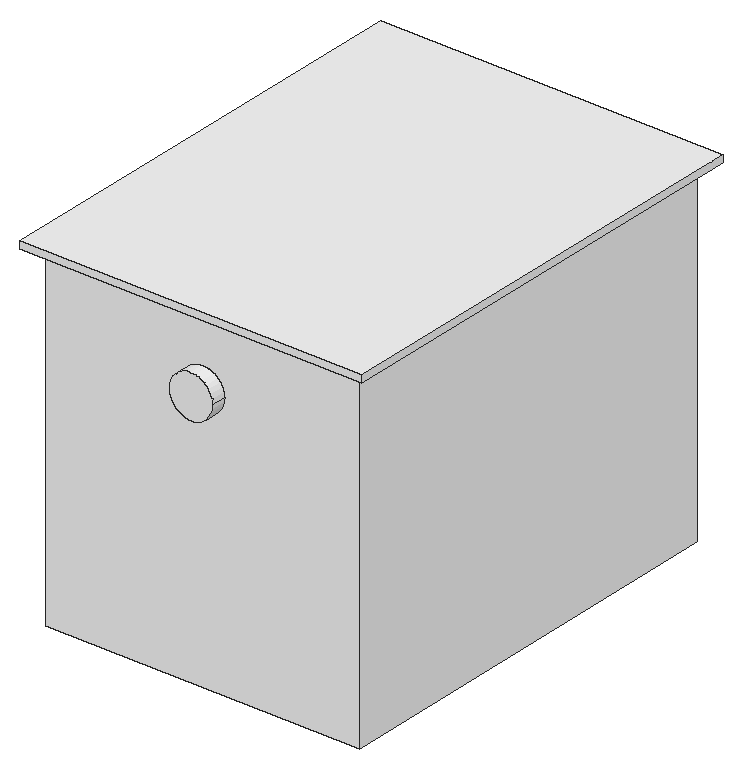
Revit family "Plumbing Fixture-Grease_Interseptor_Mifab_MI-G", category Plumbing Fixtures, host Face, Revit 2013
Parameters (values of type "MI-G-7")
  Water Capacity = "46.82 Gallons"
  WFU = 0
  URL = "www.mifab.com"
  Standard Inlet And Outlet Radii = F / 2  # 1.500"
  Model = "MI-G-7"
  Manufacturer = "MIFAB"
  Interceptor Material = Acid Resistant Epoxy Coated Green
  Grease Capacity = "100 lbs"
  Flow Rate = "50 GPM"
  F = 3.000"
  E = 24.000"
  Description = "P.D.I Certified 4 to 50 GPM Grease Interceptor"
  Default Elevation = 0.000"
  D = 18.500"
  C = 5.500"
  B = 23.750"
  Assembly Code = "D2090300"
  A = 31.250"
Types (9): name | Water Capacity | URL | Standard Inlet And Outlet Radii | Model | Grease Capacity | Flow Rate | F | E | D | C | B | A
  (no name) | "46.82 Gallons" | "www.mifab.com" | 1.500" | "MI-G-7" | "100 lbs" | "50 GPM" | 3.000" | 24.000" | 18.500" | 5.500" | 23.750" | 31.250"
  MI-G-0 | "4.43 Gallons" | "www.mifab.com" | 1.000" | "MI-G-0" | "8 lbs" | "4 GPM" | 2.000" | 11.000" | 8.500" | 2.500" | 11.250" | 16.750"
  MI-G-1 | "6.00 Gallons" | "www.mifab.com" | 1.000" | "MI-G-1" | "14 lbs" | "7 GPM" | 2.000" | 12.000" | 8.500" | 3.500" | 13.750" | 17.750"
  MI-G-2 | "9.74 Gallons" | "www.mifab.com" | 1.000" | "MI-G-2" | "20 lbs" | "10 GPM" | 2.000" | 13.000" | 9.500" | 3.500" | 15.750" | 21.250"
  MI-G-3 | "13.59 Gallons" | "www.mifab.com" | 1.000" | "MI-G-3" | "30 lbs" | "15 GPM" | 2.000" | 15.000" | 11.500" | 3.500" | 15.750" | 23.750"
  MI-G-4 | "16.18 Gallons" | "www.mifab.com" | 1.500" | "MI-G-4" | "40 lbs" | "20 GPM" | 3.000" | 17.500" | 14.000" | 3.500" | 15.750" | 23.750"
  MI-G-5 | "23.34 Gallons" | "www.mifab.com" | 1.500" | "MI-G-5" | "50 lbs" | "25 GPM" | 3.000" | 17.500" | 14.000" | 3.500" | 18.750" | 27.750"
  MI-G-6 | "41.31 Gallons" | "www.mifab.com\r\nwww.mifab.com" | 1.500" | "MI-G-6" | "70 lbs" | "35 GPM" | 3.000" | 22.000" | 16.500" | 5.500" | 23.750" | 31.250"
  MI-G-7 | "46.82 Gallons" | "www.mifab.com" | 1.500" | "MI-G-7" | "100 lbs" | "50 GPM" | 3.000" | 24.000" | 18.500" | 5.500" | 23.750" | 31.250"
Reference planes (in)
  plane 1 "Center (Front/Back)": y = 0
  plane 2: z = 0
  plane 3 "Center (Left/Right)": x = 0
  plane 4: x = -11.875
  plane 5: y = -15.625
  plane 6: y = 15.625
  plane 7: x = 11.875
  plane 8: z = -5.5
  plane 9: z = -24
  plane 10: z = -24
  plane 11: z = -0.1345
  plane 12: z = -23.8655
Forms (in)
  Extrusion 1, solid, material "Acid Resistant Epoxy Coated Green" <- "Interceptor Material"
    sketch origin (0, 0, 0) x (1, 0, 0) y (0, 1, 0)
      loop
        line (-11.875, 15.625) -> (-11.875, -15.625) -> (11.875, -15.625) -> (11.875, 15.625) -> (-11.875, 15.625)
    from 0 to -0.5
  Extrusion 2, solid, material "Acid Resistant Epoxy Coated Green" <- "Interceptor Material"
    sketch origin (0, 0, 0) x (1, 0, 0) y (0, 1, 0)
      loop
        line (-10.875, 14.625) -> (-10.875, -14.625) -> (10.875, -14.625) -> (10.875, 14.625) -> (-10.875, 14.625)
    from 0 to -24
  Extrusion 3, solid, material "Acid Resistant Epoxy Coated Green" <- "Interceptor Material"
    sketch origin (0, 0, 0) x (1, 0, 0) y (0, 0, 1)
      loop
        circle (0, -5.5) r 1.5
    from -15.625 to 15.625
Cuts and joins
  joined: Extrusion 1, Extrusion 2, Extrusion 3
Lines and regions (in)
  symbolic lines, style "PlumbingFixtures"
    curve 1: line (-11.875, 15.625, 0) -> (11.875, 15.625, 0)
    curve 2: line (-11.875, -15.625, 0) -> (-11.875, 15.625, 0)
    curve 3: line (11.875, -15.625, 0) -> (-11.875, -15.625, 0)
    curve 4: line (11.875, 15.625, 0) -> (11.875, -15.625, 0)
Dimensions and locks (in)
  equal spacing: plane 4, plane 3 "Center (Left/Right)", plane 7
  equal spacing: plane 6, plane 1 "Center (Front/Back)", plane 5
  "B": plane 4 to plane 7
  "A": plane 6 to plane 5
  "C": host face to plane 8
  "D": plane 8 to plane 9
  "E": host face to plane 10
  equal spacing: Extrusion 2 sketch curve, plane 3 "Center (Left/Right)", Extrusion 2 sketch curve
  equal spacing: Extrusion 2 sketch curve, plane 1 "Center (Front/Back)", Extrusion 2 sketch curve
  Extrusion 2 sketch curve to plane 6 = 1.000"
  plane 4 to Extrusion 2 sketch curve = 1.000"
  locked: plane 12 to plane 10 at 0.1345
  locked: host face to plane 11 at 0.1345
  "F": diameter of Extrusion 3 sketch curve
  aligned and locked: plane 2 to host face
  aligned and locked: level to host face
  aligned and locked: Extrusion 1 sketch curve to plane 6
  aligned and locked: Extrusion 1 sketch curve to plane 4
  aligned and locked: plane 5 to Extrusion 1 sketch curve
  aligned and locked: Extrusion 1 sketch curve to plane 7
  aligned and locked: Extrusion 2 to plane 9
  aligned and locked: Extrusion 3 to plane 5
  aligned and locked: plane 6 to Extrusion 3
  aligned and locked: Extrusion 3 to cut or joined group of Extrusion 1, Extrusion 2, Extrusion 3
Automatic sketch dimensions
  host sketch curve to host sketch curve = 96.000"  (x2)
  Extrusion 3 sketch curve to plane 3 "Center (Left/Right)" = 0.000"
  Extrusion 3 sketch curve to plane 8 = 0.000"
  curve 3 to plane 4 = 0.000"
  curve 3 to plane 5 = 0.000"
  curve 3 to plane 7 = 0.000"
  curve 2 to plane 6 = 0.000"
Connectors (in)
  piping at (0, 15.625, -5.5), driven by "Standard Inlet And Outlet Radii"
    settings: on cut or joined group of Extrusion 1, Extrusion 2, Extrusion 3, index 1, connector radius 1 1/2", flow factor 0, pipe flow 0 GPM, pressure drop 0.00 psi, fitting loss kfactor 0, connector angle 0.00°, fixture units 0, engagement length 0.000", flow configuration 0, flow direction 1, fitting loss method 0, system type 7, joint type 0, gender type 0, connector reference index -1, connector utility 0, adjustable connector no, is connector primary yes, fitting loss table "", connector description "In"
  piping at (0, -15.625, -5.5), driven by "Standard Inlet And Outlet Radii"
    settings: on cut or joined group of Extrusion 1, Extrusion 2, Extrusion 3, index 2, connector radius 1 1/2", flow factor 0, pipe flow 0 GPM, pressure drop 0.00 psi, fitting loss kfactor 0, connector angle 0.00°, fixture units 0, engagement length 0.000", flow configuration 0, flow direction 2, fitting loss method 0, system type 16, joint type 0, gender type 0, connector reference index -1, connector utility 0, adjustable connector no, is connector primary no, fitting loss table "", connector description "Out"
